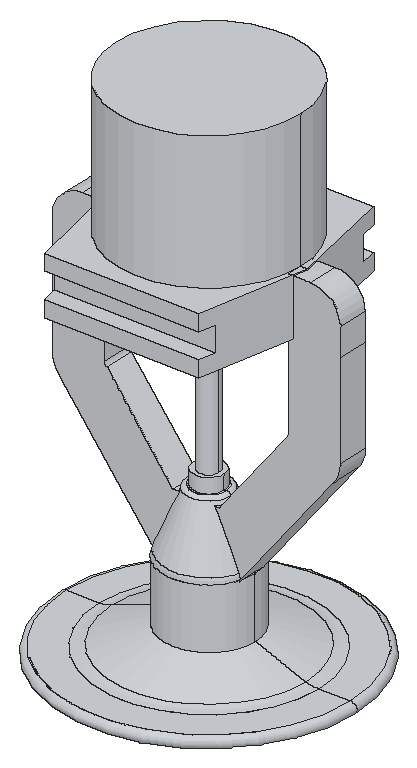
Revit family
Parameters (values of type "RASCO J112 PENDENT")
  Temperature Rating = 155 °F
  Response = 1
  RASCO SIN # = "RA7216"
  RASCO Part # = "J112P1C"
  Pressure Rating = "175 PSI"
  Pressure Class = (empty or 0)
  Orifice Size = 3/4"
  Orifice = (empty or 0)
  Model = "J112"
  Manufacturer = "RASCO"
  K-Factor = 11.2
  Description = "CHROME FINISH"
  Coverage = (empty or 0)
Reference planes (in)
  plane 1 "Center (Front/Back)": y = 0
  plane 2: z = 0
  plane 3 "Center (Left/Right)": x = 0
Nested families (in)
  nested 1: "J112P1C" at (0, 0.00833, 2.95) x (-1, 0, 0) z (0, 0, -1), type "RASCO J112 PENDENT"
Connectors (in)
  piping at (0, 0.00833, 2.95)
    settings: on nested 1, index 1, connector radius 1/2", flow factor 0, pipe flow 0 GPM, pressure drop 0.00 psi, fitting loss kfactor 0, connector angle 0.00°, fixture units 0, flow configuration 0, flow direction 0, fitting loss method 0, system type 7, connector reference index -1, connector utility 0, adjustable connector no, is connector primary yes, fitting loss table "", connector description ""
Definition of nested family "J112P1C"
  Parameters (values of type "RASCO J112 PENDENT")
    Type Comments = ""
    Temperature Rating = 0 °F
    Response = (empty or 0)
    Pressure Rating = "0"
    Pressure Class = (empty or 0)
    Orifice Size = 0"
    Orifice = (empty or 0)
    Model = ""
    Manufacturer = ""
    K-Factor = 0
    Description = ""
    Coverage = (empty or 0)
    Assembly Code = ""
  Reference planes (in)
    plane 1 "Center (Front/Back)": y = 0
    plane 2: z = 0
    plane 3 "REF.1": z = 0.773
    plane 4 "top": z = 2.8125
    plane 5: x = -0.81624
    plane 6: x = 0.81332
    plane 7 "ref.2": z = 2.098
    plane 8 "head": z = 2.6725
    plane 9 "left/right center": x = 0
    plane 10 "screw": z = 1.98251
    plane 11 "bulb": z = 1.098
    plane 12: z = 2.95
  Forms (in)
    Extrusion 1, solid
      sketch origin (0, 0, 0) x (1, 0, 0) y (0, 1, 0)
        loop
          circle (0, 0) r 0.5221
      from 0 to 0.773
    Extrusion 2, solid
      sketch origin (0, 0, 0.773) x (-1, 0, 0) y (0, -1, 0)
        loop
          line (-0.43619, -0.62052) -> (0.4375, -0.62052) -> (0.56391, 0) -> (0.4375, 0.62052) -> (-0.43619, 0.62052) -> (-0.56259, 0) -> (-0.43619, -0.62052)
      from 0 to 0.325
    Extrusion 3, void
      sketch origin (0, 0, 0) x (1, 0, 0) y (0, 0, 1)
        loop
          line (-0.56391, 1.00774) -> (-0.56391, 0.86298) -> (0.56259, 0.86298) -> (0.56259, 1.00774) -> (-0.56391, 1.00774)
      from 0.52148 to 0.62052
    Extrusion 4, solid
      sketch origin (0, 0, 0) x (1, 0, 0) y (0, 0, 1)
        loop
          line (-0.5221, 0.773) -> (-0.5221, 1.098) -> (-0.5221, 1.58091)
          arc (-0.5221, 1.58091) -> (-0.5194, 1.59708) -> (-0.51161, 1.61149) r 0.04979
          line (-0.51161, 1.61149) -> (-0.13316, 2.098) -> (-0.00066, 2.098) -> (0.13184, 2.098) -> (0.5115, 1.61158)
          arc (0.5115, 1.61158) -> (0.51938, 1.59706) -> (0.5221, 1.58077) r 0.05007
          line (0.5221, 1.58077) -> (0.5221, 1.098) -> (0.5221, 0.773) -> (0.64763, 0.773)
          arc (0.64763, 0.773) -> (0.76676, 0.82234) -> (0.8161, 0.94147) r 0.16847
          line (0.8161, 0.94147) -> (0.8161, 1.098) -> (0.8161, 1.63725)
          arc (0.8161, 1.63725) -> (0.80631, 1.69579) -> (0.77801, 1.74796) r 0.17993
          line (0.77801, 1.74796) -> (0.18552, 2.50706) -> (-0.18743, 2.50706) -> (-0.77818, 1.74764)
          arc (-0.77818, 1.74764) -> (-0.80636, 1.69554) -> (-0.8161, 1.63712) r 0.18
          line (-0.8161, 1.63712) -> (-0.8161, 1.098) -> (-0.8161, 0.94094)
          arc (-0.8161, 0.94094) -> (-0.76691, 0.82219) -> (-0.64816, 0.773) r 0.16794
          line (-0.64816, 0.773) -> (-0.5221, 0.773)
      from -0.08649 to 0.08732
    Extrusion 5, void
      sketch origin (0.00728, 1.142, 0) x (1, 0, 0) y (0, 0, 1)
        loop
          line (-0.56391, 1.00774) -> (-0.56391, 0.86298) -> (0.56259, 0.86298) -> (0.56259, 1.00774) -> (-0.56391, 1.00774)
      from 0.52148 to 0.62052
    Revolve 6, solid
      sketch origin (0, 0, 0) x (1, 0, 0) y (0, 0, 1)
        loop
          line (-0.00066, 2.8125) -> (-0.24139, 2.8125)
          arc (-0.24139, 2.8125) -> (-0.25522, 2.80677) -> (-0.26095, 2.79293) r 0.01957
          line (-0.26095, 2.79293) -> (-0.26095, 2.42899)
          arc (-0.26095, 2.42899) -> (-0.25939, 2.41285) -> (-0.25476, 2.3973) r 0.08419
          line (-0.25476, 2.3973) -> (-0.12582, 2.07995)
          arc (-0.12582, 2.07995) -> (-0.11591, 2.06775) -> (-0.10088, 2.06316) r 0.02692
          line (-0.10088, 2.06316) -> (-0.00066, 2.06316) -> (-0.00066, 2.8125)
        axis (-0.00066, 2.8125) -> (-0.00066, 2.06316)
      angle from 0 to 360
    Extrusion 7, solid
      sketch origin (0, 0, 2.8125) x (-1, 0, 0) y (0, -1, 0)
        loop
          circle (0.00095, 0) r 0.18173
      from 0 to 0.01153
    Extrusion 8, solid
      sketch origin (0, 0, 1.98251) x (-1, 0, 0) y (0, -1, 0)
        loop
          circle (0, 0) r 0.087
      from 0 to 0.0806
    Extrusion 9, solid
      sketch origin (0, 0, 1.098) x (-1, 0, 0) y (0, -1, 0)
        loop
          circle (0, 0) r 0.05954
      from 0 to 0.88451
    Revolve 10, solid
      sketch origin (0, 0, 0) x (1, 0, 0) y (0, 0, 1)
        loop
          arc (-0.80541, 2.95) -> (-0.83791, 2.91744) -> (-0.80529, 2.885) r 0.0325
          line (-0.80529, 2.885) -> (-0.6226, 2.885)
          arc (-0.6226, 2.885) -> (-0.58658, 2.88196) -> (-0.55157, 2.87291) r 0.21476
          line (-0.55157, 2.87291) -> (-0.20963, 2.75307)
          arc (-0.20963, 2.75307) -> (-0.1935, 2.7489) -> (-0.1769, 2.7475) r 0.09897
          line (-0.1769, 2.7475) -> (-0.00095, 2.7475) -> (-0.00095, 2.8125) -> (-0.1642, 2.8125)
          arc (-0.1642, 2.8125) -> (-0.18242, 2.81404) -> (-0.20012, 2.81861) r 0.10861
          line (-0.20012, 2.81861) -> (-0.53776, 2.93695)
          arc (-0.53776, 2.93695) -> (-0.57556, 2.94671) -> (-0.61446, 2.95) r 0.23187
          line (-0.61446, 2.95) -> (-0.80541, 2.95)
        axis (0, 2.95) -> (0, 2.7475)
      angle from 0 to 360
  Cuts and joins
    Extrusion 3, Extrusion 5 cuts Extrusion 2
  Dimensions and locks (in)
    plane 12 to level = 0' - 2.95"
